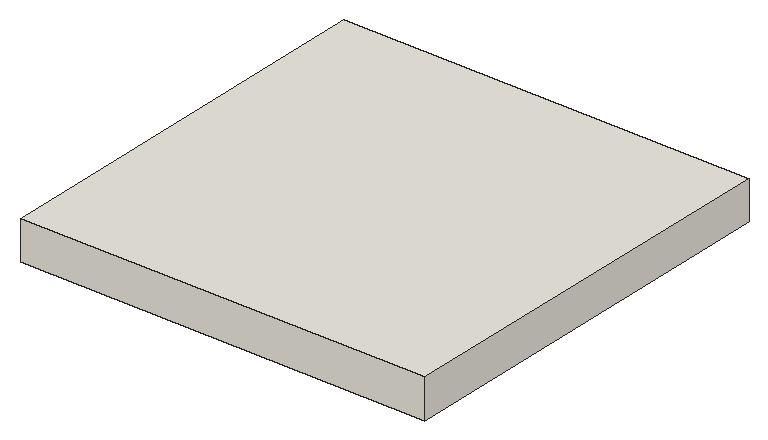
Revit family "UNIVERSAL", category Осветительные приборы, Revit 2019 (continued)
Types (12, lengths in mm): name | Файл фотометрической сетки | built-in parameter 1150105 | Lumens | built-in parameter 1150106 | built-in parameter 1150142 | Wattage | Emit from Rectangle Width | Emit from Rectangle Length | Длина | Ширина | ADSK_Ток | ADSK_Полная мощность | ADSK_Обозначение | ADSK_Номинальная мощность | ADSK_Наименование | ADSK_Код изделия
  CSVT Universal - 34/prisma 595х595х55(IP20, 4000К) с БАП на 3 часа | "CSVT Universal-34_opal-sand.ies" | 246.69 (stored number, unit not read) | 3100 lm | 2.4669 (stored number, unit not read) | "IESNA:LM-63-95\r\n[TEST] Протокол № 50-12 \r\n[DATA] 20.06.2016\r\n[MORE] \r\n[MANUFAC] ЗАО \"Центрстройсвет\"\r\n[LUMCAT]  Светильник ALUMOGIPS-38/OPAL-SAND-(610x610)\r\n[LUMINAIRE]\r\n[LAMPCAT] Светодиоды\r\n[LAMP] Поток источника света (светодиодов) не известен\r\n[MORE] КСС приведена в абсолютных величинах кд\r\n[MORE] Вместо потока лампы, указан поток светильника.\r\nTILT=NONE\r\n1    3750 1.0 37 73 1 2 0.61 0.61 0.04\r\n1.0 1.0 38.7\r\n0.0 5.0 10.0 15.0 20.0 25.0 30.0 35.0 40.0 45.0 50.0 55.0 60.0 65.0 70.0 75.0 80.0 85.0 90.0 95.0 100.0 105.0 110.0 115.0 120.0 125.0 130.0 135.0 140.0 145.0 150.0 155.0 160.0 165.0 170.0 175.0 180.0\r\n0.0 5.0 10.0 15.0 20.0 25.0 30.0 35.0 40.0 45.0 50.0 55.0 60.0 65.0 70.0 75.0 80.0 85.0 90.0 95.0 100.0 105.0 110.0 115.0 120.0 125.0 130.0 135.0 140.0 145.0 150.0 155.0 160.0 165.0 170.0 175.0 180.0 185.0 190.0 195.0 200.0 205.0 210.0 215.0 220.0 225.0 230.0 235.0 240.0 245.0 250.0 255.0 260.0 265.0 270.0 275.0 280.0 285.0 290.0 295.0 300.0 305.0 310.0 315.0 320.0 325.0 330.0 335.0 340.0 345.0 350.0 355.0 360.0\r\n1391.4 1390.6 1365.7 1330.6 1277.5 1214.9 1147.5 1059.6 967.6 873.2 772.4 664.9 556.3 449.1 342.7 240.6 147.1 64.2 4.7 0.0 0.0 0.0 0.0 0.0 0.0 0.0 0.0 0.0 0.0 0.0 0.0 0.0 0.0 0.0 0.0 0.0 0.0\r\n1391.4 1390.5 1367.8 1332.7 1284.3 1221.3 1147.0 1062.1 969.2 872.4 773.2 666.3 557.1 450.1 343.8 241.9 146.9 64.7 5.2 0.0 0.0 0.0 0.0 0.0 0.0 0.0 0.0 0.0 0.0 0.0 0.0 0.0 0.0 0.0 0.0 0.0 0.0\r\n1391.4 1390.2 1372.0 1333.3 1277.3 1216.8 1144.5 1057.4 969.6 875.1 773.8 669.5 560.0 454.6 345.8 242.4 148.5 65.8 5.4 0.0 0.0 0.0 0.0 0.0 0.0 0.0 0.0 0.0 0.0 0.0 0.0 0.0 0.0 0.0 0.0 0.0 0.0\r\n1391.4 1389.8 1371.2 1330.7 1279.5 1220.5 1148.3 1059.9 967.7 873.2 767.5 666.8 561.4 453.0 347.1 243.7 149.9 65.6 5.8 0.0 0.0 0.0 0.0 0.0 0.0 0.0 0.0 0.0 0.0 0.0 0.0 0.0 0.0 0.0 0.0 0.0 0.0\r\n1391.4 1389.8 1368.3 1329.3 1285.0 1214.6 1141.1 1058.7 971.8 871.3 775.2 666.9 559.4 452.6 345.8 242.5 150.0 65.8 6.1 0.0 0.0 0.0 0.0 0.0 0.0 0.0 0.0 0.0 0.0 0.0 0.0 0.0 0.0 0.0 0.0 0.0 0.0\r\n1391.4 1390.5 1367.3 1332.3 1281.7 1219.0 1142.8 1064.6 970.5 874.4 772.1 667.5 560.2 453.0 346.2 241.8 149.4 65.7 5.6 0.0 0.0 0.0 0.0 0.0 0.0 0.0 0.0 0.0 0.0 0.0 0.0 0.0 0.0 0.0 0.0 0.0 0.0\r\n1391.4 1391.4 1368.1 1333.5 1277.3 1215.7 1139.0 1059.6 968.1 872.4 771.6 667.4 558.8 453.3 344.3 243.9 148.4 65.7 5.4 0.0 0.0 0.0 0.0 0.0 0.0 0.0 0.0 0.0 0.0 0.0 0.0 0.0 0.0 0.0 0.0 0.0 0.0\r\n1391.4 1391.7 1368.1 1330.4 1278.2 1213.9 1142.4 1061.6 967.4 875.1 772.0 669.3 561.1 452.5 345.2 242.1 148.3 65.4 5.5 0.0 0.0 0.0 0.0 0.0 0.0 0.0 0.0 0.0 0.0 0.0 0.0 0.0 0.0 0.0 0.0 0.0 0.0\r\n1391.4 1391.5 1371.0 1328.4 1278.5 1216.7 1142.1 1061.2 971.8 874.7 772.1 668.9 560.8 452.9 345.4 243.3 147.7 66.0 5.4 0.0 0.0 0.0 0.0 0.0 0.0 0.0 0.0 0.0 0.0 0.0 0.0 0.0 0.0 0.0 0.0 0.0 0.0\r\n1391.4 1391.5 1373.2 1330.5 1277.3 1215.5 1143.2 1063.6 967.0 872.7 772.2 669.4 558.9 453.2 346.6 241.9 148.1 65.2 5.5 0.0 0.0 0.0 0.0 0.0 0.0 0.0 0.0 0.0 0.0 0.0 0.0 0.0 0.0 0.0 0.0 0.0 0.0\r\n1391.4 1391.4 1369.7 1328.3 1281.3 1216.0 1139.8 1057.9 968.7 875.3 773.9 667.6 561.8 454.0 344.0 243.1 147.2 65.6 5.5 0.0 0.0 0.0 0.0 0.0 0.0 0.0 0.0 0.0 0.0 0.0 0.0 0.0 0.0 0.0 0.0 0.0 0.0\r\n1391.4 1390.5 1367.9 1330.1 1278.1 1218.1 1138.9 1061.0 970.0 871.8 770.4 669.3 560.2 453.4 346.9 242.1 148.3 65.2 5.2 0.0 0.0 0.0 0.0 0.0 0.0 0.0 0.0 0.0 0.0 0.0 0.0 0.0 0.0 0.0 0.0 0.0 0.0\r\n1391.4 1389.3 1368.2 1329.1 1280.8 1214.4 1142.5 1059.2 967.2 874.3 772.4 668.0 563.1 452.3 345.7 242.8 146.8 64.9 5.1 0.0 0.0 0.0 0.0 0.0 0.0 0.0 0.0 0.0 0.0 0.0 0.0 0.0 0.0 0.0 0.0 0.0 0.0\r\n1391.4 1388.6 1367.4 1327.8 1278.0 1215.7 1141.0 1061.0 971.5 877.3 771.2 667.3 561.5 453.0 346.4 242.4 146.3 64.8 5.2 0.0 0.0 0.0 0.0 0.0 0.0 0.0 0.0 0.0 0.0 0.0 0.0 0.0 0.0 0.0 0.0 0.0 0.0\r\n1391.4 1388.0 1367.6 1326.7 1278.3 1218.0 1140.9 1061.5 968.4 873.4 770.1 666.6 562.1 454.6 344.8 241.8 146.4 64.0 5.5 0.0 0.0 0.0 0.0 0.0 0.0 0.0 0.0 0.0 0.0 0.0 0.0 0.0 0.0 0.0 0.0 0.0 0.0\r\n1391.4 1387.2 1366.1 1331.0 1281.4 1216.3 1142.7 1059.1 969.4 871.5 772.2 667.3 560.5 453.0 344.4 242.2 146.4 63.8 5.6 0.0 0.0 0.0 0.0 0.0 0.0 0.0 0.0 0.0 0.0 0.0 0.0 0.0 0.0 0.0 0.0 0.0 0.0\r\n1391.4 1387.1 1366.3 1328.7 1276.9 1214.5 1141.2 1059.3 968.4 874.3 775.5 668.3 562.5 454.9 346.4 241.3 146.2 63.5 5.7 0.0 0.0 0.0 0.0 0.0 0.0 0.0 0.0 0.0 0.0 0.0 0.0 0.0 0.0 0.0 0.0 0.0 0.0\r\n1391.4 1388.4 1366.0 1329.7 1279.2 1217.9 1140.0 1060.5 969.0 873.9 772.0 671.3 560.4 453.2 343.7 241.7 145.8 63.7 5.4 0.0 0.0 0.0 0.0 0.0 0.0 0.0 0.0 0.0 0.0 0.0 0.0 0.0 0.0 0.0 0.0 0.0 0.0\r\n1391.4 1389.6 1367.7 1329.3 1277.2 1211.1 1140.1 1061.0 971.0 871.2 769.2 669.1 561.5 453.1 343.3 241.9 145.8 63.4 5.2 0.0 0.0 0.0 0.0 0.0 0.0 0.0 0.0 0.0 0.0 0.0 0.0 0.0 0.0 0.0 0.0 0.0 0.0\r\n1391.4 1388.8 1366.9 1327.1 1279.4 1214.2 1142.5 1056.4 970.7 870.3 771.0 665.1 560.4 453.3 343.8 241.1 145.7 63.4 5.2 0.0 0.0 0.0 0.0 0.0 0.0 0.0 0.0 0.0 0.0 0.0 0.0 0.0 0.0 0.0 0.0 0.0 0.0\r\n1391.4 1387.2 1365.8 1328.9 1276.6 1210.2 1141.4 1059.3 966.6 871.4 770.5 667.4 559.2 451.4 344.2 241.0 145.6 63.2 5.1 0.0 0.0 0.0 0.0 0.0 0.0 0.0 0.0 0.0 0.0 0.0 0.0 0.0 0.0 0.0 0.0 0.0 0.0\r\n1391.4 1386.8 1364.4 1329.8 1279.4 1213.7 1144.0 1059.0 965.3 873.7 768.8 668.9 559.4 449.5 342.6 241.5 144.6 63.4 5.0 0.0 0.0 0.0 0.0 0.0 0.0 0.0 0.0 0.0 0.0 0.0 0.0 0.0 0.0 0.0 0.0 0.0 0.0\r\n1391.4 1388.1 1365.8 1328.1 1273.8 1213.4 1137.9 1059.2 967.3 869.2 769.3 667.7 558.4 451.4 344.0 240.6 145.7 63.4 4.9 0.0 0.0 0.0 0.0 0.0 0.0 0.0 0.0 0.0 0.0 0.0 0.0 0.0 0.0 0.0 0.0 0.0 0.0\r\n1391.4 1389.2 1364.4 1323.2 1276.3 1213.8 1137.6 1055.3 963.1 871.0 767.7 664.1 559.7 447.1 342.4 240.1 145.2 63.9 5.1 0.0 0.0 0.0 0.0 0.0 0.0 0.0 0.0 0.0 0.0 0.0 0.0 0.0 0.0 0.0 0.0 0.0 0.0\r\n1391.4 1388.4 1362.3 1326.8 1274.4 1212.2 1137.9 1054.7 966.7 867.9 768.7 663.4 557.3 449.2 343.3 240.0 145.7 63.6 5.0 0.0 0.0 0.0 0.0 0.0 0.0 0.0 0.0 0.0 0.0 0.0 0.0 0.0 0.0 0.0 0.0 0.0 0.0\r\n1391.4 1386.2 1361.8 1326.5 1273.3 1211.2 1134.5 1048.6 964.3 866.3 767.8 662.9 556.7 449.5 341.9 239.8 145.7 63.7 5.0 0.0 0.0 0.0 0.0 0.0 0.0 0.0 0.0 0.0 0.0 0.0 0.0 0.0 0.0 0.0 0.0 0.0 0.0\r\n1391.4 1384.4 1363.5 1324.4 1272.0 1209.5 1137.2 1053.0 960.2 867.5 767.9 662.7 556.7 449.2 342.5 239.1 146.2 63.8 4.8 0.0 0.0 0.0 0.0 0.0 0.0 0.0 0.0 0.0 0.0 0.0 0.0 0.0 0.0 0.0 0.0 0.0 0.0\r\n1391.4 1383.7 1362.4 1324.4 1274.0 1209.5 1134.4 1050.1 965.4 864.9 764.6 662.3 556.6 447.9 340.5 240.3 145.5 64.6 4.6 0.0 0.0 0.0 0.0 0.0 0.0 0.0 0.0 0.0 0.0 0.0 0.0 0.0 0.0 0.0 0.0 0.0 0.0\r\n1391.4 1384.4 1361.9 1326.9 1270.2 1207.3 1132.7 1050.1 959.7 867.7 763.1 662.2 555.0 447.3 343.0 238.3 145.8 63.9 4.7 0.0 0.0 0.0 0.0 0.0 0.0 0.0 0.0 0.0 0.0 0.0 0.0 0.0 0.0 0.0 0.0 0.0 0.0\r\n1391.4 1385.1 1363.0 1320.0 1270.4 1207.9 1134.4 1055.0 963.5 867.3 766.7 660.7 555.9 450.1 342.6 240.2 145.9 64.3 4.9 0.0 0.0 0.0 0.0 0.0 0.0 0.0 0.0 0.0 0.0 0.0 0.0 0.0 0.0 0.0 0.0 0.0 0.0\r\n1391.4 1384.9 1362.3 1321.4 1273.1 1208.0 1135.4 1052.3 961.9 865.0 764.0 660.8 553.5 447.6 341.2 240.3 146.1 63.8 4.8 0.0 0.0 0.0 0.0 0.0 0.0 0.0 0.0 0.0 0.0 0.0 0.0 0.0 0.0 0.0 0.0 0.0 0.0\r\n1391.4 1383.8 1361.2 1322.1 1265.1 1211.5 1132.8 1049.3 961.3 863.4 764.0 661.0 550.7 447.9 341.0 240.1 146.2 63.8 4.6 0.0 0.0 0.0 0.0 0.0 0.0 0.0 0.0 0.0 0.0 0.0 0.0 0.0 0.0 0.0 0.0 0.0 0.0\r\n1391.4 1382.8 1359.3 1321.5 1269.3 1206.8 1132.8 1051.1 958.3 863.2 763.1 662.7 553.4 448.0 340.4 240.0 145.8 63.8 4.0 0.0 0.0 0.0 0.0 0.0 0.0 0.0 0.0 0.0 0.0 0.0 0.0 0.0 0.0 0.0 0.0 0.0 0.0\r\n1391.4 1382.6 1359.0 1319.6 1268.1 1204.3 1129.8 1049.0 957.7 861.8 761.7 658.4 554.2 446.1 340.4 239.0 145.6 63.8 3.8 0.0 0.0 0.0 0.0 0.0 0.0 0.0 0.0 0.0 0.0 0.0 0.0 0.0 0.0 0.0 0.0 0.0 0.0\r\n1391.4 1382.8 1358.5 1315.8 1266.5 1202.1 1128.5 1049.2 957.6 860.0 762.1 658.2 549.9 443.8 339.6 238.4 145.7 63.6 3.7 0.0 0.0 0.0 0.0 0.0 0.0 0.0 0.0 0.0 0.0 0.0 0.0 0.0 0.0 0.0 0.0 0.0 0.0\r\n1391.4 1382.2 1360.5 1319.2 1265.9 1204.5 1129.9 1046.9 955.0 862.9 758.9 657.9 552.5 444.9 338.9 238.8 145.3 63.6 3.3 0.0 0.0 0.0 0.0 0.0 0.0 0.0 0.0 0.0 0.0 0.0 0.0 0.0 0.0 0.0 0.0 0.0 0.0\r\n1391.4 1381.1 1361.2 1321.0 1268.1 1203.8 1128.8 1047.4 955.6 863.7 761.1 656.4 551.5 445.2 339.2 238.5 144.7 62.5 3.5 0.0 0.0 0.0 0.0 0.0 0.0 0.0 0.0 0.0 0.0 0.0 0.0 0.0 0.0 0.0 0.0 0.0 0.0\r\n1391.4 1380.6 1359.0 1316.4 1268.5 1204.0 1126.1 1049.5 956.2 859.6 759.7 656.5 549.2 444.3 338.4 236.1 143.8 61.6 3.2 0.0 0.0 0.0 0.0 0.0 0.0 0.0 0.0 0.0 0.0 0.0 0.0 0.0 0.0 0.0 0.0 0.0 0.0\r\n1391.4 1380.7 1356.6 1316.0 1267.0 1205.6 1130.3 1044.8 956.9 856.7 759.3 653.5 548.1 441.9 335.3 235.4 141.4 60.3 2.9 0.0 0.0 0.0 0.0 0.0 0.0 0.0 0.0 0.0 0.0 0.0 0.0 0.0 0.0 0.0 0.0 0.0 0.0\r\n1391.4 1380.4 1354.4 1317.9 1268.8 1199.0 1129.0 1044.0 956.9 860.6 758.3 656.9 549.1 442.0 334.4 236.1 141.7 60.5 2.6 0.0 0.0 0.0 0.0 0.0 0.0 0.0 0.0 0.0 0.0 0.0 0.0 0.0 0.0 0.0 0.0 0.0 0.0\r\n1391.4 1380.1 1356.7 1322.1 1264.6 1201.7 1129.9 1047.4 957.2 859.7 758.2 656.1 549.4 442.8 335.3 235.8 141.3 60.6 2.3 0.0 0.0 0.0 0.0 0.0 0.0 0.0 0.0 0.0 0.0 0.0 0.0 0.0 0.0 0.0 0.0 0.0 0.0\r\n1391.4 1379.9 1357.3 1317.5 1265.9 1207.8 1129.2 1046.5 955.7 860.2 758.6 656.9 550.7 441.9 335.4 233.9 140.6 60.2 2.4 0.0 0.0 0.0 0.0 0.0 0.0 0.0 0.0 0.0 0.0 0.0 0.0 0.0 0.0 0.0 0.0 0.0 0.0\r\n1391.4 1379.2 1355.5 1314.6 1269.3 1203.7 1133.5 1044.8 957.2 857.9 762.0 656.6 548.7 440.4 335.9 234.5 140.4 59.8 2.8 0.0 0.0 0.0 0.0 0.0 0.0 0.0 0.0 0.0 0.0 0.0 0.0 0.0 0.0 0.0 0.0 0.0 0.0\r\n1391.4 1377.9 1357.1 1319.2 1271.9 1204.4 1128.6 1050.2 953.1 856.9 757.6 653.7 548.9 439.9 335.4 232.4 140.5 59.2 3.0 0.0 0.0 0.0 0.0 0.0 0.0 0.0 0.0 0.0 0.0 0.0 0.0 0.0 0.0 0.0 0.0 0.0 0.0\r\n1391.4 1377.2 1356.3 1322.9 1266.0 1204.8 1132.2 1049.0 958.1 859.3 759.0 654.6 547.0 441.6 334.9 232.1 139.3 58.8 2.9 0.0 0.0 0.0 0.0 0.0 0.0 0.0 0.0 0.0 0.0 0.0 0.0 0.0 0.0 0.0 0.0 0.0 0.0\r\n1391.4 1377.8 1353.8 1319.7 1269.6 1207.9 1135.8 1049.5 955.8 858.0 762.4 655.9 548.2 441.6 335.6 231.7 139.4 58.8 2.8 0.0 0.0 0.0 0.0 0.0 0.0 0.0 0.0 0.0 0.0 0.0 0.0 0.0 0.0 0.0 0.0 0.0 0.0\r\n1391.4 1378.5 1355.2 1319.8 1267.3 1206.5 1131.2 1046.1 954.6 861.2 756.6 653.8 548.1 440.3 335.0 232.6 138.6 59.0 2.9 0.0 0.0 0.0 0.0 0.0 0.0 0.0 0.0 0.0 0.0 0.0 0.0 0.0 0.0 0.0 0.0 0.0 0.0\r\n1391.4 1378.6 1355.1 1318.3 1269.7 1200.8 1133.1 1049.0 957.6 862.5 762.4 656.9 549.3 443.5 334.7 231.2 138.8 58.1 3.0 0.0 0.0 0.0 0.0 0.0 0.0 0.0 0.0 0.0 0.0 0.0 0.0 0.0 0.0 0.0 0.0 0.0 0.0\r\n1391.4 1378.8 1355.8 1321.7 1268.8 1210.0 1129.0 1048.5 958.8 862.4 762.2 656.4 549.0 441.1 335.4 231.5 138.5 58.1 3.0 0.0 0.0 0.0 0.0 0.0 0.0 0.0 0.0 0.0 0.0 0.0 0.0 0.0 0.0 0.0 0.0 0.0 0.0\r\n1391.4 1379.6 1357.6 1321.7 1269.0 1207.1 1133.9 1047.0 964.1 863.3 761.9 656.4 551.5 440.7 334.9 232.2 137.6 58.1 2.8 0.0 0.0 0.0 0.0 0.0 0.0 0.0 0.0 0.0 0.0 0.0 0.0 0.0 0.0 0.0 0.0 0.0 0.0\r\n1391.4 1380.6 1357.7 1319.2 1272.0 1207.5 1131.3 1054.6 959.0 863.3 764.8 655.9 549.1 443.0 335.1 231.3 138.0 58.1 2.7 0.0 0.0 0.0 0.0 0.0 0.0 0.0 0.0 0.0 0.0 0.0 0.0 0.0 0.0 0.0 0.0 0.0 0.0\r\n1391.4 1381.5 1358.5 1321.9 1271.0 1204.1 1135.9 1055.8 962.5 865.5 761.1 656.9 550.6 442.0 335.3 231.9 137.4 57.9 2.6 0.0 0.0 0.0 0.0 0.0 0.0 0.0 0.0 0.0 0.0 0.0 0.0 0.0 0.0 0.0 0.0 0.0 0.0\r\n1391.4 1381.3 1358.5 1322.3 1270.8 1207.2 1133.7 1051.9 958.0 867.3 767.5 657.0 552.1 442.3 333.6 231.2 137.9 57.8 2.6 0.0 0.0 0.0 0.0 0.0 0.0 0.0 0.0 0.0 0.0 0.0 0.0 0.0 0.0 0.0 0.0 0.0 0.0\r\n1391.4 1380.6 1359.4 1319.7 1270.6 1209.0 1133.0 1052.1 963.9 867.5 764.1 660.0 554.0 443.3 334.8 231.7 137.6 57.8 2.7 0.0 0.0 0.0 0.0 0.0 0.0 0.0 0.0 0.0 0.0 0.0 0.0 0.0 0.0 0.0 0.0 0.0 0.0\r\n1391.4 1381.3 1359.9 1321.3 1270.6 1204.8 1135.0 1051.3 962.1 865.5 761.7 660.3 553.1 443.5 334.1 231.9 137.9 57.8 2.8 0.0 0.0 0.0 0.0 0.0 0.0 0.0 0.0 0.0 0.0 0.0 0.0 0.0 0.0 0.0 0.0 0.0 0.0\r\n1391.4 1383.1 1362.1 1324.8 1273.8 1208.7 1134.8 1055.9 961.8 866.4 762.3 659.7 552.4 443.7 334.4 232.8 138.0 58.0 2.8 0.0 0.0 0.0 0.0 0.0 0.0 0.0 0.0 0.0 0.0 0.0 0.0 0.0 0.0 0.0 0.0 0.0 0.0\r\n1391.4 1384.6 1360.4 1321.7 1272.0 1210.6 1130.9 1052.5 963.1 866.7 767.4 659.3 553.7 444.6 335.4 233.1 138.3 58.0 2.8 0.0 0.0 0.0 0.0 0.0 0.0 0.0 0.0 0.0 0.0 0.0 0.0 0.0 0.0 0.0 0.0 0.0 0.0\r\n1391.4 1385.6 1357.5 1324.7 1273.9 1211.6 1134.3 1052.7 963.6 865.4 763.1 658.7 552.2 444.9 336.9 232.8 138.8 58.6 2.9 0.0 0.0 0.0 0.0 0.0 0.0 0.0 0.0 0.0 0.0 0.0 0.0 0.0 0.0 0.0 0.0 0.0 0.0\r\n1391.4 1386.4 1357.8 1323.4 1273.2 1212.2 1136.3 1054.7 967.5 867.5 764.0 659.4 553.3 443.7 336.8 233.2 138.9 58.5 3.1 0.0 0.0 0.0 0.0 0.0 0.0 0.0 0.0 0.0 0.0 0.0 0.0 0.0 0.0 0.0 0.0 0.0 0.0\r\n1391.4 1386.6 1362.0 1324.9 1273.2 1211.3 1139.0 1049.9 960.3 866.4 768.0 661.3 552.2 443.4 336.3 233.4 139.8 58.9 3.1 0.0 0.0 0.0 0.0 0.0 0.0 0.0 0.0 0.0 0.0 0.0 0.0 0.0 0.0 0.0 0.0 0.0 0.0\r\n1391.4 1386.0 1360.5 1326.0 1271.8 1212.0 1137.2 1059.3 963.5 867.6 766.9 661.2 552.3 445.8 337.8 233.6 141.0 59.2 3.3 0.0 0.0 0.0 0.0 0.0 0.0 0.0 0.0 0.0 0.0 0.0 0.0 0.0 0.0 0.0 0.0 0.0 0.0\r\n1391.4 1385.0 1362.3 1325.1 1272.0 1207.1 1138.5 1053.6 964.5 865.8 766.5 661.6 554.3 445.9 337.0 234.5 140.4 60.2 3.5 0.0 0.0 0.0 0.0 0.0 0.0 0.0 0.0 0.0 0.0 0.0 0.0 0.0 0.0 0.0 0.0 0.0 0.0\r\n1391.4 1384.4 1361.8 1323.6 1274.0 1214.8 1138.9 1053.9 968.0 867.9 769.0 663.8 555.6 446.7 339.6 235.0 141.3 60.4 3.4 0.0 0.0 0.0 0.0 0.0 0.0 0.0 0.0 0.0 0.0 0.0 0.0 0.0 0.0 0.0 0.0 0.0 0.0\r\n1391.4 1385.0 1360.9 1322.2 1272.4 1209.8 1137.2 1055.7 962.7 869.7 769.6 658.2 556.6 447.4 338.5 236.2 142.5 60.7 3.4 0.0 0.0 0.0 0.0 0.0 0.0 0.0 0.0 0.0 0.0 0.0 0.0 0.0 0.0 0.0 0.0 0.0 0.0\r\n1391.4 1386.6 1363.1 1323.6 1272.5 1211.5 1139.2 1058.4 969.9 868.0 768.8 664.6 556.3 445.8 342.1 236.1 142.3 61.2 3.5 0.0 0.0 0.0 0.0 0.0 0.0 0.0 0.0 0.0 0.0 0.0 0.0 0.0 0.0 0.0 0.0 0.0 0.0\r\n1391.4 1388.6 1360.9 1330.2 1273.7 1213.2 1138.7 1058.3 966.2 867.0 766.8 663.4 553.3 447.1 339.2 238.7 143.0 61.4 3.8 0.0 0.0 0.0 0.0 0.0 0.0 0.0 0.0 0.0 0.0 0.0 0.0 0.0 0.0 0.0 0.0 0.0 0.0\r\n1391.4 1389.8 1360.8 1328.4 1276.8 1216.0 1140.1 1055.8 963.1 870.3 768.4 663.1 554.0 449.1 340.1 237.3 144.8 61.7 3.8 0.0 0.0 0.0 0.0 0.0 0.0 0.0 0.0 0.0 0.0 0.0 0.0 0.0 0.0 0.0 0.0 0.0 0.0\r\n1391.4 1389.3 1362.5 1325.9 1278.0 1210.4 1138.2 1054.7 967.8 872.7 770.2 661.9 556.5 446.9 341.3 237.7 144.4 62.5 3.9 0.0 0.0 0.0 0.0 0.0 0.0 0.0 0.0 0.0 0.0 0.0 0.0 0.0 0.0 0.0 0.0 0.0 0.0\r\n1391.4 1387.8 1365.8 1326.6 1274.3 1213.2 1141.4 1053.1 966.2 871.2 768.4 663.7 555.0 447.1 341.3 238.2 144.3 62.7 4.1 0.0 0.0 0.0 0.0 0.0 0.0 0.0 0.0 0.0 0.0 0.0 0.0 0.0 0.0 0.0 0.0 0.0 0.0\r\n1391.4 1387.2 1364.2 1328.3 1274.8 1209.4 1145.0 1060.0 963.9 867.5 766.5 663.4 556.7 448.2 340.9 240.3 144.7 63.3 4.0 0.0 0.0 0.0 0.0 0.0 0.0 0.0 0.0 0.0 0.0 0.0 0.0 0.0 0.0 0.0 0.0 0.0 0.0\r\n1391.4 1388.4 1364.9 1332.6 1279.0 1215.6 1140.9 1056.3 969.3 867.1 770.0 663.8 559.0 449.0 342.4 240.3 145.7 63.3 4.7 0.0 0.0 0.0 0.0 0.0 0.0 0.0 0.0 0.0 0.0 0.0 0.0 0.0 0.0 0.0 0.0 0.0 0.0\r\n1391.4 1390.0 1364.5 1329.3 1281.4 1217.7 1141.3 1063.3 970.3 871.1 768.8 663.5 555.2 449.3 342.4 239.8 146.6 63.3 4.9 0.0 0.0 0.0 0.0 0.0 0.0 0.0 0.0 0.0 0.0 0.0 0.0 0.0 0.0 0.0 0.0 0.0 0.0\r\n1391.4 1390.6 1365.7 1330.6 1277.5 1214.9 1147.5 1059.6 967.6 873.2 772.4 664.9 556.3 449.1 342.7 240.6 147.1 64.2 4.7 0.0 0.0 0.0 0.0 0.0 0.0 0.0 0.0 0.0 0.0 0.0 0.0 0.0 0.0 0.0 0.0 0.0 0.0\r\n" | 20.8695 W | 555 | 555 | 595 | 595 | 0.151229 A | 34.7826 VA | "CSVT Universal - 34/prisma 595х595х55 (IP20, 4000К)" | 32 W | "Универсальный светодиодный светильник CSVT Universal - 34/prisma 595х595х55(IP20, 4000К) с БАП на 3 часа" | "ЦБ000007896"
  CSVT Universal - 50/opal-sand 595x595х55 (IP20, 4000К) | "CSVT Universal-50_opal-sand.ies" | 342.18 (stored number, unit not read) | 4300 lm | 3.4218 (stored number, unit not read) | "IESNA:LM-63-1995\r\n[DATA] 04.05.2017\r\n[MANUFAC] Joint stock company Centrstroysvet\r\n[LUMCAT] CSVT Universal-50/opal-sand\r\n[LUMINAIRE] for General illumination of public buildings and other similar premises\r\n[LAMP] LED\r\nTILT=NONE\r\n1 4871 4.871 91 1 1 2\r\n0.595 0.595 0.055\r\n1 1 47.1\r\n0 1 2 3 4 5 6 7 8 9 10 11 12 13 14 15 16 17 18 19 20 21 22 23 24 25 26 27 28 29 30 31 32 33 34 35 36 37 38 39 40 41 42 43 44 45 46 47 48 49 50 51 52 53 54 55 56 57 58 59 60 61 62 63 64 65 66 67 68 69 70 71 72 73 74 75 76 77 78 79 80 81 82 83 84 85 86 87 88 89 90 \r\n0 \r\n374.8 374.6 374.4 373.9 373.3 372.6 371.6 370.5 369.3 367.9 366.2 364.5 362.6 360.5 358.3 356 353.5 350.8 348 345.1 342 338.8 335.5 332.1 328.4 324.8 320.9 317 312.9 308.8 304.5 300.2 295.8 291.3 286.7 282.1 277.4 272.5 267.7 262.7 257.8 252.7 247.6 242.5 237.3 232 226.6 221.3 215.8 210.4 204.9 199.3 193.7 188.1 182.5 176.8 171 165.3 159.6 153.9 148.1 142.4 136.5 130.7 125 119.1 113.2 107.5 101.6 95.8 90 84.3 78.7 73 67.5 62.1 56.7 51.5 46.4 41.4 36.6 32 27.6 23.3 19.2 15.4 11.7 8.3 5.2 2.4 0\r\n" | 28.948 W | 555 | 555 | 595 | 595 | 0.226843 A | 52.1739 VA | "CSVT Universal - 50/opal-sand 595x595х55 (IP20, 4000К)" | 48 W | "Универсальный светодиодный светильник CSVT Universal - 50/opal-sand 595x595х55 (IP20, 4000К)" | "ЦБ000007791"
